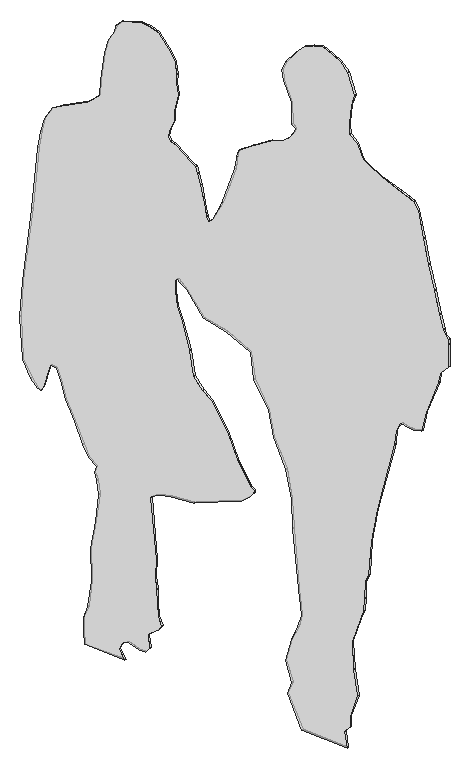
Revit family "Flat Couple 07", category Entourage, Revit 2015
Parameters
  Flat Material [instance] = none
  Height = 0 mm
Reference planes
  plane 1 "Center (Front/Back)": y = 0
  plane 2: z = 0
  plane 3 "Center (Left/Right)": x = 0
Forms (mm)
  Extrusion 1, solid, material <- "Flat Material"
    sketch origin (0, 0, 0) x (1, 0, 0) y (0, 0, 1)
      loop
        line (-586.639, 649.1) -> (-562.562, 610.086) -> (-544.332, 591.919) -> (-536.563, 589.029) -> (-527.038, 602.047) -> (-511.097, 654.705) -> (-508.213, 662.462) -> (-492.205, 660.654) -> (-480.866, 635.14) -> (-467.328, 593.291) -> (-442.294, 546.212) -> (-417.544, 497.266) -> (-402.317, 471.513) -> (-379.78, 456.962) -> (-385.82, 438.413) -> (-379.622, 421.454) -> (-373.262, 388.26) -> (-383.282, 318.544) -> (-397.715, 245.566) -> (-394.6, 166.896) -> (-404.295, 99.978) -> (-416.088, 67.395) -> (-416.167, 31.563) -> (-413.847, 0) -> (-301.47, 0) -> (-316.155, 26.24) -> (-308.579, 39.319) -> (-293.507, 47.577) -> (-260.179, 39.829) -> (-244.041, 40) -> (-232.223, 54.611) -> (-236.419, 87.015) -> (-207.704, 107.756) -> (-198.076, 120.674) -> (-207.424, 143.759) -> (-211.61, 176.319) -> (-211.808, 208.484) -> (-216.005, 241.156) -> (-213.258, 281.172) -> (-229.409, 431.984) -> (-207.616, 445.527) -> (-170.345, 453.329) -> (-109.136, 458.437) -> (22.605, 509.803) -> (45.068, 527.386) -> (57.06, 542.142) -> (58.065, 550.089) -> (50.571, 554.967) -> (11.065, 611.917) -> (-16.032, 671.669) -> (-61.525, 731.633) -> (-83.902, 748.401) -> (-109.098, 775.683) -> (-120.141, 836.121) -> (-140.813, 901.932) -> (-155.331, 934.362) -> (-161.312, 969.996) -> (-160.187, 996.644) -> (-153.396, 1002.063) -> (-148.061, 995.275) -> (-131.091, 983.056) -> (-82.448, 928.189) -> (-18.378, 916.845) -> (47.943, 890.879) -> (57.684, 826.454) -> (97.181, 763.821) -> (111.738, 700.047) -> (146.467, 634.197) -> (162.134, 564.539) -> (165.139, 492.46) -> (181.15, 347.985) -> (189.406, 286.238) -> (178.992, 253.039) -> (162.082, 216.604) -> (144.128, 156.237) -> (162.291, 109.652) -> (149.975, 76.891) -> (190.527, 0) -> (317.018, 0) -> (310.446, 39.364) -> (325.38, 54.297) -> (325.38, 81.456) -> (346.084, 139.813) -> (335.613, 202.539) -> (330.261, 269.598) -> (353.776, 332.15) -> (363.054, 356.021) -> (365.867, 390.038) -> (367.027, 430.83) -> (376.866, 451.433) -> (383.768, 536.893) -> (400.231, 623.636) -> (449.276, 802.288) -> (453.632, 838.777) -> (465.33, 859.051) -> (489.739, 856.294) -> (501.945, 854.916) -> (524.404, 861.64) -> (536.763, 912.773) -> (571.935, 998.631) -> (574.903, 1023.125) -> (599.479, 1047.427) -> (599.479, 1103.897) -> (599.479, 1116.102) -> (589.442, 1124.015) -> (585.114, 1136.375) -> (574.473, 1168.79) -> (560.818, 1224.004) -> (543.057, 1282.888) -> (529.866, 1342.997) -> (514.034, 1406.677) -> (501.284, 1424.769) -> (488.471, 1430.76) -> (465.238, 1437.93) -> (408.705, 1456.444) -> (375.953, 1472.284) -> (364.594, 1478.122) -> (355.462, 1489.789) -> (344.816, 1513.81) -> (324.098, 1529.858) -> (322.556, 1554.437) -> (325.68, 1580.06) -> (328.625, 1604.221) -> (338.121, 1632.289) -> (318.361, 1682.195) -> (297.873, 1701.464) -> (271.944, 1713.649) -> (247.139, 1722.624) -> (221.856, 1714.675) -> (197.735, 1703.519) -> (177.258, 1684.268) -> (145.727, 1647.871) -> (135.458, 1624.498) -> (138.66, 1599.646) -> (161.81, 1551.229) -> (163.154, 1497.828) -> (173.054, 1492.155) -> (168.678, 1480.511) -> (156.171, 1463.735) -> (133.101, 1446.661) -> (106.633, 1439.065) -> (54.878, 1407.174) -> (29.136, 1392.003) -> (17.761, 1384.258) -> (12.154, 1374.364) -> (4.405, 1331.711) -> (-31.981, 1232.798) -> (-58.246, 1183.798) -> (-69.503, 1176.181) -> (-72.8, 1186.923) -> (-76.771, 1205.168) -> (-90.353, 1258.74) -> (-98.138, 1283.473) -> (-103.935, 1299.058) -> (-116.598, 1306.464) -> (-161.546, 1333.973) -> (-173.065, 1338.267) -> (-181.011, 1348.15) -> (-174.402, 1368.394) -> (-163.025, 1391.136) -> (-163.494, 1415.257) -> (-152.549, 1462.284) -> (-157.471, 1487.034) -> (-156.449, 1511.154) -> (-161.068, 1538.991) -> (-172.757, 1557.029) -> (-207.96, 1596.027) -> (-231.378, 1603.246) -> (-255.26, 1605.942) -> (-308.099, 1590.572) -> (-326.579, 1571.355) -> (-331.037, 1556.662) -> (-347.231, 1529.663) -> (-358.176, 1494.568) -> (-369.895, 1420.506) -> (-372.031, 1383.207) -> (-403.009, 1356.745) -> (-475.045, 1321.552) -> (-503.398, 1305.376) -> (-524.359, 1272.038) -> (-535.103, 1236.156) -> (-543.551, 1192.728) -> (-559.557, 1034.473) -> (-585.62, 845.796) -> (-593.392, 755.114) -> (-586.639, 649.1)
    from -2.5 to 2.5
Lines and regions (mm)
  model lines
    curve 1: line (0, 148, 0) -> (0, -152, 0)
    curve 2: line (148.202, -0.202, 0) -> (-151.798, -0.202, 0)
Dimensions and locks
  aligned and locked: level to plane 2
